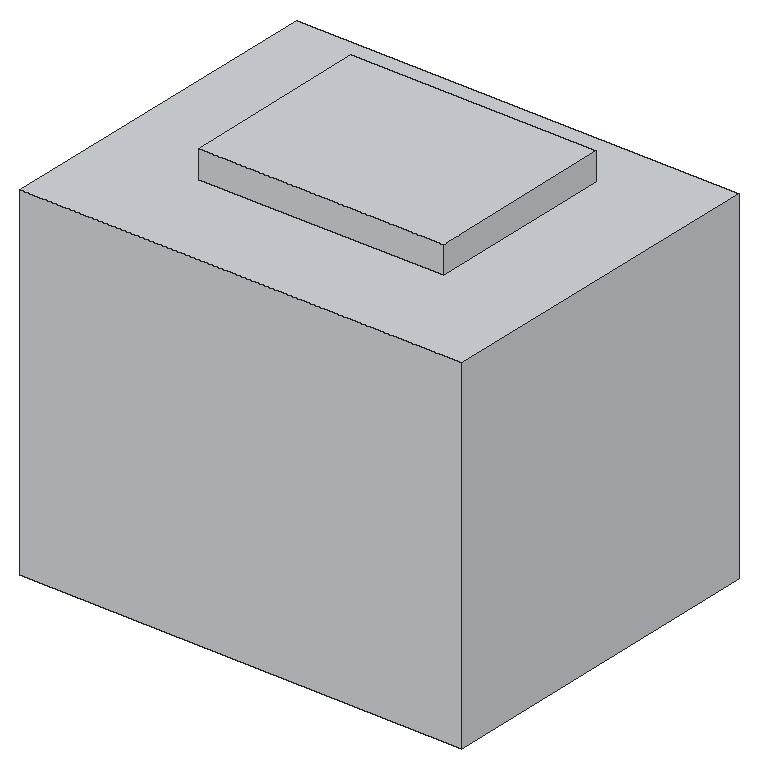
Revit family "M_Módulo economizador", category Equipamento mecânico, Revit 2019
Family settings
  Cota do conector redondo = Utilizar diâmetro
  Tipo de parte = Normal
  Número OmniClass = 23.75.70.11.14.24
  Título OmniClass = Air Mixers
  ID de item do Seek = Economizer Module-0000-CAN-ENU
  Com base no plano de trabalho = Não
  Sempre na vertical = Sim
  Corte com vazios quando carregada = Não
  Compartilhado = Não
  Ponto de cálculo do ambiente = Não
Parameters (values of type "3 serpentinas")
  Largura de saída do ar de fornecimento = Altura do economizador  # 635 mm
  Altura de saída do ar de fornecimento = Comprimento do economizador  # 813 mm
  Largura da entrada de ar fresco = 450 mm
  Altura da entrada de ar fresco = 350 mm
  Fluxo de saída do ar de fornecimento [instance] = 850.0 L/s
  Altura da saída do ar de retorno = 800 mm
  Largura da saída do ar de retorno = 625 mm
  Fluxo da saída do ar de retorno [instance] = 680.0 L/s
  Queda de pressão do ar [instance] = 187.0 Pa
  Largura da meia entrada de ar de fornecimento = Largura da entrada de ar fresco * 0.5  # 225 mm
  Comprimento de meio economizador = Comprimento do economizador * 0.5  # 406.5 mm
  Fluxo da entrada de ar fresco [instance] = 170.0 L/s
  Largura do economizador = 635 mm
  Material do economizador = none
  Comprimento do economizador = 813 mm
  Altura do economizador = 635 mm
Types (17, lengths in mm): name | Largura de saída do ar de fornecimento | Altura de saída do ar de fornecimento | Largura da entrada de ar fresco | Altura da entrada de ar fresco | Fluxo de saída do ar de fornecimento | Altura da saída do ar de retorno | Largura da saída do ar de retorno | Fluxo da saída do ar de retorno | Queda de pressão do ar | Largura da meia entrada de ar de fornecimento | Comprimento de meio economizador | Fluxo da entrada de ar fresco | Largura do economizador | Comprimento do economizador | Altura do economizador
  (no name) | 635 | 813 | 450 | 350 | 850.0 L/s | 800 | 625 | 680.0 L/s | 187.0 Pa | 225 | 406.5 | 170.0 L/s | 635 | 813 | 635
  3 serpentinas | 635 | 813 | 450 | 350 | 850.0 L/s | 800 | 625 | 680.0 L/s | 187.0 Pa | 225 | 406.5 | 170.0 L/s | 635 | 813 | 635
  6 serpentinas | 711 | 1118 | 800 | 350 | 1700.0 L/s | 1100 | 700 | 1360.0 L/s | -187.0 Pa | 400 | 559 | 340.0 L/s | 711 | 1118 | 711
  8 serpentinas | 813 | 1219 | 850 | 350 | 2270.0 L/s | 1200 | 800 | 1810.0 L/s | -187.0 Pa | 425 | 609.5 | 453.0 L/s | 813 | 1219 | 813
  10 serpentinas | 864 | 1524 | 1400 | 500 | 2830.0 L/s | 1500 | 850 | 2270.0 L/s | -187.0 Pa | 700 | 762 | 566.0 L/s | 864 | 1524 | 864
  12 serpentinas | 965 | 1626 | 1500 | 500 | 3400.0 L/s | 1600 | 950 | 2720.0 L/s | -187.0 Pa | 750 | 813 | 680.0 L/s | 864 | 1626 | 965
  14 serpentinas | 1016 | 1727 | 1600 | 500 | 3960.0 L/s | 1700 | 1000 | 3170.0 L/s | -187.0 Pa | 800 | 863.5 | 793.0 L/s | 864 | 1727 | 1016
  17 serpentinas | 1118 | 1880 | 1750 | 650 | 4810.0 L/s | 1850 | 1100 | 3850.0 L/s | -187.0 Pa | 875 | 940 | 963.0 L/s | 864 | 1880 | 1118
  21 serpentinas | 1270 | 1930 | 1800 | 750 | 5950.0 L/s | 1900 | 1250 | 4760.0 L/s | -187.0 Pa | 900 | 965 | 1190.0 L/s | 864 | 1930 | 1270
  25 serpentinas | 1422 | 1981 | 1800 | 800 | 7080.0 L/s | 1950 | 1400 | 5660.0 L/s | -187.0 Pa | 900 | 990.5 | 1420.0 L/s | 1016 | 1981 | 1422
  30 serpentinas | 1422 | 2337 | 2150 | 800 | 8500.0 L/s | 2300 | 1400 | 6800.0 L/s | -187.0 Pa | 1075 | 1168.5 | 1700.0 L/s | 1016 | 2337 | 1422
  35 serpentinas | 1575 | 2438 | 2250 | 900 | 9910.0 L/s | 2400 | 1550 | 7930.0 L/s | -187.0 Pa | 1125 | 1219 | 1980.0 L/s | 1219 | 2438 | 1575
  40 serpentinas | 1575 | 2794 | 2500 | 900 | 11300.0 L/s | 2750 | 1550 | 9060.0 L/s | -187.0 Pa | 1250 | 1397 | 2270.0 L/s | 1219 | 2794 | 1575
  50 serpentinas | 1880 | 3048 | 2850 | 900 | 14200.0 L/s | 3000 | 1850 | 11300.0 L/s | -187.0 Pa | 1425 | 1524 | 2830.0 L/s | 1219 | 3048 | 1880
  66 serpentinas | 2337 | 3505 | 3300 | 1050 | 18700.0 L/s | 3450 | 2300 | 15000.0 L/s | -187.0 Pa | 1650 | 1752.5 | 3700.0 L/s | 1270 | 3505 | 2337
  80 serpentinas | 2794 | 3505 | 3400 | 1200 | 22700.0 L/s | 3450 | 2750 | 18100.0 L/s | -187.0 Pa | 1700 | 1752.5 | 4530.0 L/s | 1372 | 3505 | 2794
  100 serpentinas | 3048 | 3861 | 3650 | 1350 | 28300.0 L/s | 3800 | 3000 | 22600.0 L/s | -187.0 Pa | 1825 | 1930.5 | 5660.0 L/s | 1524 | 3861 | 3048
Reference planes
  plane 1 "Centro (Frente/Trás)": y = 0
  plane 2: z = 0
  plane 3 "Centro (Esquerda/Direita)": x = 0
  plane 4: x = -406.5
  plane 5: x = 406.5
  plane 6: y = -635
  plane 7: z = 635
  plane 8: z = 685.8
  plane 9: y = -101.6
  plane 10: x = -225
  plane 11: x = 225
  plane 12: y = -451.6
Forms (mm)
  Extrusion 1, solid, material <- "Material do economizador"
    sketch origin (0, 0, 0) x (1, 0, 0) y (0, 1, 0)
      loop
        line (-406.5, 0) -> (-406.5, -635) -> (406.5, -635) -> (406.5, 0) -> (-406.5, 0)
    from 635 to 0
  Extrusion 2, solid, material <- "Material do economizador"
    sketch origin (0, 0, 0) x (1, 0, 0) y (0, 1, 0)
      loop
        line (-225, -101.6) -> (-225, -451.6) -> (225, -451.6) -> (225, -101.6) -> (-225, -101.6)
    from 635 to 685.8
Cuts and joins
  joined: Extrusion 1, Extrusion 2
Dimensions and locks
  equal spacing: plane 4, plane 3 "Centro (Esquerda/Direita)", plane 5
  "Comprimento de meio economizador": plane 4 to plane 3 "Centro (Esquerda/Direita)"
  "Largura do economizador": plane 6 to plane 1 "Centro (Frente/Trás)"
  "Altura do economizador": plane 7 to plane 2
  locked: plane 8 to plane 7 at 50.8
  locked: plane 9 to plane 1 "Centro (Frente/Trás)" at 101.6
  equal spacing: plane 10, plane 3 "Centro (Esquerda/Direita)", plane 11
  "Largura da meia entrada de ar de fornecimento": plane 10 to plane 3 "Centro (Esquerda/Direita)"
  "Altura da entrada de ar fresco": plane 9 to plane 12
  aligned and locked: plane 4 to Extrusion 1 sketch curve
  aligned and locked: plane 1 "Centro (Frente/Trás)" to Extrusion 1 sketch curve
  aligned and locked: plane 6 to Extrusion 1 sketch curve
  aligned and locked: Extrusion 1 sketch curve to plane 5
  aligned and locked: Extrusion 1 to level
  aligned and locked: plane 7 to Extrusion 1
  aligned and locked: plane 10 to Extrusion 2 sketch curve
  aligned and locked: Extrusion 2 sketch curve to plane 9
  aligned and locked: plane 12 to Extrusion 2 sketch curve
  aligned and locked: Extrusion 2 sketch curve to plane 11
  aligned and locked: plane 8 to Extrusion 2
  aligned and locked: Extrusion 2 to Extrusion 1
Connectors
  hvac at (0, -635, 317.5), driven by "Altura de saída do ar de fornecimento", driven by "Largura de saída do ar de fornecimento", driven by "Fluxo de saída do ar de fornecimento", driven by "Queda de pressão do ar"
    settings: on cut or joined group of Extrusion 1, Extrusion 2, index 1, duct flow 850.0 L/s, flow factor 0, pres drop 187.0 Pa, loss coef 0, conn angle 0.00°, conn width 635 mm, conn height 813 mm, conn diameter 609.6 mm, duct sys type 1, conn prof type 1, flow config 0, flow direction 2, loss method 4, conn ref index -1, conn util no, is conn primary yes, conn desc ""
  hvac at (0, 0, 317.5), driven by "Altura da saída do ar de retorno", driven by "Largura da saída do ar de retorno", driven by "Fluxo da saída do ar de retorno"
    settings: on cut or joined group of Extrusion 1, Extrusion 2, index 2, duct flow 680.0 L/s, flow factor 0, pres drop 0.0 Pa, loss coef 0, conn angle 0.00°, conn width 625 mm, conn height 800 mm, conn diameter 609.6 mm, duct sys type 2, conn prof type 1, flow config 0, flow direction 1, loss method 4, conn ref index -1, conn util no, is conn primary no, conn desc ""
  hvac at (0, -276.6, 685.8), driven by "Fluxo da entrada de ar fresco", driven by "Altura da entrada de ar fresco", driven by "Largura da entrada de ar fresco"
    settings: on cut or joined group of Extrusion 1, Extrusion 2, index 3, duct flow 170.0 L/s, flow factor 0, pres drop 0.0 Pa, loss coef 0, conn angle 0.00°, conn width 450 mm, conn height 350 mm, conn diameter 609.6 mm, duct sys type 2, conn prof type 1, flow config 0, flow direction 1, loss method 4, conn ref index -1, conn util no, is conn primary no, conn desc ""
